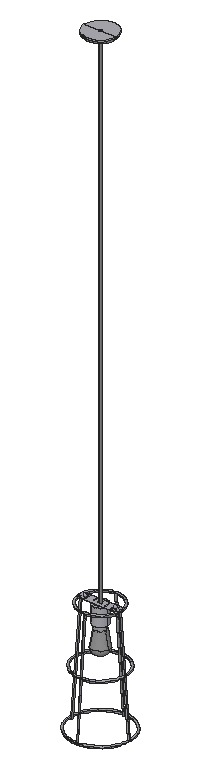
Revit family "Lighting - Lumetta - Pendant - P316RV", category Lighting Fixtures, host Ceiling, Revit 2015
Parameters
  Wattage = 11.7117 W
  built-in parameter 1150110 = 1 (stored number, unit not read)
  URL = "https://lumetta.com/luminaires/reveal-cone-16-pendant/"
  Type Comments = "Reveal Cone 16'' Pendant "  # constant formula
  built-in parameter 1114217 = 1 (stored number, unit not read)
  built-in parameter 1150109 = 1 (stored number, unit not read)
  built-in parameter 1150134 = (empty or 0)
  Suspension [instance] = 1
  built-in parameter 1150113 = 1 (stored number, unit not read)
  Stem Hung-ALL Lamping [instance] = Suspension = 2  # no
  P316RV URL [instance] = "https://lumetta.com/luminaires/reveal-cone-16-pendant/"
  Light Source Symbol Size = 0' - 1"
  Coupling-Stems Over 60 inches [instance] = and([Stem Hung-ALL Lamping], Fixture Drop > 5' 0")  # no
  Model = "P316RV"  # constant formula
  Manufacturer = "Lumetta, Inc."  # constant formula
  Lumens = 1300 lm
  built-in parameter 1150115 = 1 (stored number, unit not read)
  built-in parameter 1150105 = 103.45 (stored number, unit not read)
  built-in parameter 1150137 = (empty or 0)
  built-in parameter 1150139 = (empty or 0)
  built-in parameter 1150112 = 1 (stored number, unit not read)
  built-in parameter 1150114 = 1 (stored number, unit not read)
  built-in parameter 1150132 = 1
  built-in parameter 1150102 = (empty or 0)
  built-in parameter 1150138 = (empty or 0)
  built-in parameter 1150107 = 3000 (stored number, unit not read)
  built-in parameter 1150106 = 1.0345 (stored number, unit not read)
  Frame Finish [instance] = Paint - Lumetta - F02 - PC_Chrome
  Fixture Drop [instance] = 6' - 0"
  built-in parameter 1150104 = 10.312 (stored number, unit not read)
  Dimming Lamp Color Temperature Shift = (empty or 0)
  Description = "Reveal Cone 16'' Pendant "  # constant formula
  Cord Hung-STD [instance] = Suspension = 1  # yes
  Cord Color [instance] = Cord, Black
  Color Filter = 16777215
  built-in parameter 1114218 = 1 (stored number, unit not read)
  built-in parameter 1150133 = 10 (stored number, unit not read)
Reference planes (in)
  plane 1 "Light Source Axis (F/B)": y = 0
  plane 2 "Ceiling": z = 96
  plane 3 "Light Source Axis (L/R)": x = 0
  plane 4 "Light Source Elevation": z = 21
  plane 5 "Fixture-Top": z = 24
  plane 6 "Fixture-Radius": x = 4.32422
  plane 7 "Fixture-Height": z = 8
  plane 8: y = 0
  plane 9: x = 1.9375
  plane 10 "Middle Ring": z = 16
Forms (in)
  Revolve 1, solid, material "Paint - Lumetta - F02 - PC_Chrome" <- "Frame Finish", visible <- "Cord Hung-STD"
    sketch origin (0, 0, 0) x (1, 0, 0) y (0, 0, 1)
      loop
        line (0, 96) -> (0, 95.65) -> (2.125, 95.65)
        arc (2.125, 95.65) -> (2.21339, 95.68661) -> (2.25, 95.775) r 0.125
        line (2.25, 95.775) -> (2.25, 96) -> (0, 96)
      axis (0, 96) -> (0, 95.65)
    angle from 0 to 360
  Extrusion 2, solid, material "Paint - Lumetta - F02 - PC_Chrome" <- "Frame Finish", visible <- "Stem Hung-ALL Lamping"
    sketch origin (0, 0, 24) x (0, -1, 0) y (-1, 0, 0)
      loop
        circle (0, 0) r 0.25
    from 0.05815 to -72
  Revolve 3, solid, material "Paint - Lumetta - F02 - PC_Chrome" <- "Frame Finish", visible <- "Coupling-Stems Over 60 inches"
    sketch origin (0, 0, 0) x (1, 0, 0) y (0, 0, 1)
      loop
        line (0, 84.53023) -> (0, 84) -> (0.26233, 84)
        arc (0.26233, 84) -> (0.31307, 84.05074) -> (0.26233, 84.10149) r 0.05074
        arc (0.26233, 84.10149) -> (0.29304, 84.26499) -> (0.26243, 84.42851) r 0.45126
        arc (0.26243, 84.42851) -> (0.31329, 84.47937) -> (0.26243, 84.53023) r 0.05086
        line (0.26243, 84.53023) -> (0, 84.53023)
      axis (0, 84.53023) -> (0, 84)
    angle from 0 to 360
  Extrusion 4, solid, material "Cord, Black" <- "Cord Color"
    sketch origin (0, 0, 24) x (0, -1, 0) y (1, 0, 0)
      loop
        circle (0, 0) r 0.15674
    from -0.56254 to 72
  Extrusion 5, solid, material "Paint - Lumetta - F02 - PC_Chrome" <- "Frame Finish"
    sketch origin (0, 0, 24) x (0, -1, 0) y (1, 0, 0)
      loop
        circle (0, 0) r 0.26562
      loop
        line (-0.625, -2.125) -> (-0.375, -2.375) -> (0.375, -2.375) -> (0.625, -2.125) -> (0.625, 2.125) -> (0.375, 2.375) -> (-0.375, 2.375) -> (-0.625, 2.125) -> (-0.625, -2.125)
      loop
        circle (0, 2.125) r 0.07846
      loop
        circle (0, -2.125) r 0.07846
    from -0.05815 to 0
  Revolve 6, solid, material "Paint - Lumetta - F02 - PC_Chrome" <- "Frame Finish", visible <- "Cord Hung-STD"
    sketch origin (0, 0, 0) x (1, 0, 0) y (0, 0, 1)
      loop
        line (0, 95.65) -> (0, 95.15) -> (0.28125, 95.15) -> (0.375, 95.65) -> (0, 95.65)
      axis (0, 95.65) -> (0, 95.15)
    angle from 0 to 360
  Revolve 7, solid, material "Paint - Lumetta - F02 - PC_Chrome" <- "Frame Finish", visible <- "Stem Hung-ALL Lamping"
    sketch origin (0, 0, 0) x (1, 0, 0) y (0, 0, 1)
      loop
        line (1.9375, 93.72) -> (1.9375, 93.37095)
        arc (1.9375, 93.37095) -> (2.11821, 93.50953) -> (2.03125, 93.72) r 0.18712
        line (2.03125, 93.72) -> (1.9375, 93.72)
      axis (1.9375, 93.72) -> (1.9375, 93.37095)
    angle from 0 to 360
  Revolve 8, solid, material "Paint - Lumetta - F02 - PC_Chrome" <- "Frame Finish", visible <- "Stem Hung-ALL Lamping"
    sketch origin (0, 0, 0) x (-1, 0, 0) y (0, 0, 1)
      loop
        line (1.9375, 93.72) -> (1.9375, 93.37095)
        arc (1.9375, 93.37095) -> (2.11821, 93.50953) -> (2.03125, 93.72) r 0.18712
        line (2.03125, 93.72) -> (1.9375, 93.72)
      axis (1.9375, 93.72) -> (1.9375, 93.37095)
    angle from 0 to 360
  Revolve 9, solid, material "Paint - Lumetta - F02 - PC_Chrome" <- "Frame Finish"
    sketch origin (0, 0, 0) x (1, 0, 0) y (0, 0, 1)
      loop
        circle (2.88672, 23.89063) r 0.10938
      axis (0, 23.89063) -> (0, 23.85125)
    angle from 0 to 360
  Revolve 10, solid, material "Paint - Lumetta - F02 - PC_Chrome" <- "Frame Finish"
    sketch origin (0, 0, 0) x (1, 0, 0) y (0, 0, 1)
      loop
        circle (4.21484, 8.10937) r 0.10938
      axis (0, 8.10937) -> (0, 8.07)
    angle from 0 to 360
  Extrusion 11, solid, material "Paint - Lumetta - F02 - PC_Chrome" <- "Frame Finish"
    sketch origin (0, 0, 24) x (0, -1, 0) y (1, 0, 0)
      loop
        line (-0.5, 1.8125) -> (0.5, 1.8125) -> (0.5, 2.88956)
        arc (0.5, 2.88956) -> (0, 2.9325) -> (-0.5, 2.88956) r 2.9325
        line (-0.5, 2.88956) -> (-0.5, 1.8125)
      loop
        circle (0, 2.125) r 0.09375
      loop
        line (-0.5, -1.8125) -> (-0.5, -2.88956)
        arc (-0.5, -2.88956) -> (0, -2.9325) -> (0.5, -2.88956) r 2.9325
        line (0.5, -2.88956) -> (0.5, -1.8125) -> (-0.5, -1.8125)
      loop
        circle (0, -2.125) r 0.09375
    from 0 to 0.07325
  Revolve 12, solid, material "Paint - Lumetta - F02 - PC_Chrome" <- "Frame Finish", visible <- "Stem Hung-ALL Lamping"
    sketch origin (0, 0, 0) x (1, 0, 0) y (0, 0, 1)
      loop
        line (0, 96.0012) -> (0, 93.40625) -> (0.34988, 93.40625)
        arc (0.34988, 93.40625) -> (0.49124, 93.54417) -> (0.58115, 93.72) r 0.61026
        line (0.58115, 93.72) -> (3, 93.72) -> (3, 93.78) -> (2.875, 93.78) -> (2.875, 96.0012) -> (0, 96.0012)
      axis (0, 96.0012) -> (0, 93.40625)
    angle from 0 to 360
  Revolve 13, solid, material "Paint - Lumetta - F02 - PC_Chrome" <- "Frame Finish"
    sketch origin (0, 0, 6.25) x (1, 0, 0) y (0, 0, 1)
      loop
        circle (3.55234, 9.75) r 0.10938
      axis (0, 9.75) -> (0, 9.71063)
    angle from 0 to 360
  Revolve 14, solid, material "Paint - Lumetta - F02 - PC_Chrome" <- "Frame Finish"
    sketch origin (0, 0, 0) x (1, 0, 0) y (0, 0, 1)
      loop
        line (0, 23.94185) -> (0, 23.9106) -> (0.90625, 23.9106)
        arc (0.90625, 23.9106) -> (0.97254, 23.88314) -> (1, 23.81685) r 0.09375
        line (1, 23.81685) -> (1, 21.44185) -> (1.03125, 21.44185) -> (1.03125, 23.81685)
        arc (1.03125, 23.81685) -> (0.99464, 23.90523) -> (0.90625, 23.94185) r 0.125
        line (0.90625, 23.94185) -> (0, 23.94185)
      axis (0, 23.94185) -> (0, 21.44185)
    angle from 0 to 360
  Revolve 15, solid, material "Acrylic - 2447 - White"
    sketch origin (0, 0, 0) x (1, 0, 0) y (0, 0, 1)
      loop
        arc (0.48041, 21.41727) -> (0.66687, 21.10094) -> (0.77324, 20.74949) r 1.54182
        line (0.77324, 20.74949) -> (1.17086, 18.49448)
        arc (1.17086, 18.49448) -> (1.06714, 17.9859) -> (0.64416, 17.68508) r 0.70728
        arc (0.64416, 17.68508) -> (0.43163, 17.64159) -> (0.21626, 17.61551) r 2.66809
        arc (0.21626, 17.61551) -> (0.19746, 17.60723) -> (0.18786, 17.58907) r 0.03125
        arc (0.18786, 17.58907) -> (0.18007, 17.57274) -> (0.16453, 17.56346) r 0.03125
        arc (0.16453, 17.56346) -> (0.08288, 17.54831) -> (0, 17.54324) r 0.67945
        line (0, 17.54324) -> (0, 17.51199)
        arc (0, 17.51199) -> (0.0867, 17.51729) -> (0.1721, 17.53314) r 0.7107
        arc (0.1721, 17.53314) -> (0.20317, 17.55169) -> (0.21875, 17.58436) r 0.0625
        arc (0.21875, 17.58436) -> (0.43664, 17.61075) -> (0.65167, 17.65474) r 2.69934
        arc (0.65167, 17.65474) -> (1.09333, 17.96886) -> (1.20163, 18.49991) r 0.73853
        line (1.20163, 18.49991) -> (0.80401, 20.75492)
        arc (0.80401, 20.75492) -> (0.69549, 21.11349) -> (0.50526, 21.43623) r 1.57307
        arc (0.50526, 21.43623) -> (0.47231, 21.46338) -> (0.43073, 21.4731) r 0.09375
        line (0.43073, 21.4731) -> (0, 21.4731) -> (0, 21.44185) -> (0.43073, 21.44185)
        arc (0.43073, 21.44185) -> (0.45845, 21.43537) -> (0.48041, 21.41727) r 0.0625
      axis (0, 21.4731) -> (0, 17.51199)
    angle from 0 to 360
  Revolve 16, solid, material "Paint - Lumetta - F02 - PC_Chrome" <- "Frame Finish"
    sketch origin (0, 0, 0) x (1, 0, 0) y (0, 0, 1)
      loop
        arc (2.25, 24.07325) -> (2.30016, 24.27991) -> (2.125, 24.4005) r 0.1875
        line (2.125, 24.4005) -> (2.125, 24.07325) -> (2.25, 24.07325)
      axis (2.125, 24.4005) -> (2.125, 24.07325)
    angle from 0 to 360
  Revolve 17, solid, material "Paint - Lumetta - F02 - PC_Chrome" <- "Frame Finish"
    sketch origin (0, 0, 0) x (-1, 0, 0) y (0, 0, 1)
      loop
        arc (2.25, 24.07325) -> (2.30016, 24.27991) -> (2.125, 24.4005) r 0.1875
        line (2.125, 24.4005) -> (2.125, 24.07325) -> (2.25, 24.07325)
      axis (2.125, 24.4005) -> (2.125, 24.07325)
    angle from 0 to 360
  Sweep 18, solid, material "Paint - Lumetta - F02 - PC_Chrome" <- "Frame Finish"
    path origin (0, 0, 0) x (1, 0, 0) y (0, 0, 1)
      loop
        line (-2.679, 23.93661) -> (-4.03849, 7.99477)
    profile origin (-3.35875, 0, 15.96569) x (0.996384, 0, -0.08497) y (0, -1, 0)
      loop
        circle (0, 0) r 0.1035
  Sweep 19, solid, material "Paint - Lumetta - F02 - PC_Chrome" <- "Frame Finish"
    path origin (0, 0, 0) x (-1, 0, 0) y (0, 0, 1)
      loop
        line (-2.679, 23.93661) -> (-4.03849, 7.99477)
    profile origin (3.35875, 0, 15.96569) x (-0.996384, 0, -0.08497) y (0, 1, 0)
      loop
        circle (0, 0) r 0.1035
  Sweep 20, solid, material "Paint - Lumetta - F02 - PC_Chrome" <- "Frame Finish"
    path origin (0, 0, 0) x (0, -1, 0) y (0, 0, 1)
      loop
        line (-2.679, 23.93661) -> (-4.03849, 7.99477)
    profile origin (0, 3.35875, 15.96569) x (0, -0.996384, -0.08497) y (-1, 0, 0)
      loop
        circle (0, 0) r 0.1035
  Sweep 21, solid, material "Paint - Lumetta - F02 - PC_Chrome" <- "Frame Finish"
    path origin (0, 0, 0) x (0, 1, 0) y (0, 0, 1)
      loop
        line (-2.679, 23.93661) -> (-4.03849, 7.99477)
    profile origin (0, -3.35875, 15.96569) x (0, 0.996384, -0.08497) y (1, 0, 0)
      loop
        circle (0, 0) r 0.1035
Dimensions and locks (in)
  equal spacing: host sketch curve, plane 3 "Light Source Axis (L/R)", host sketch curve
  equal spacing: host sketch curve, plane 1 "Light Source Axis (F/B)", host sketch curve
  host sketch curve to host sketch curve = 10' - 0"  (x2)
  "Fixture Drop": plane 2 "Ceiling" to plane 5 "Fixture-Top"
  plane 5 "Fixture-Top" to plane 4 "Light Source Elevation" = 0' - 3"
  locked: plane 6 "Fixture-Radius" to plane 3 "Light Source Axis (L/R)" at 4.32422
  locked: plane 5 "Fixture-Top" to plane 7 "Fixture-Height" at 16
  locked: Extrusion 2 sketch curve to imposter light
  locked: Extrusion 2 sketch curve to imposter light at 0
  Revolve 3 sketch curve to Revolve 3 sketch curve = 0' - 0.15822"
  locked: Revolve 3 sketch curve to Revolve 3 sketch curve at 0.53023
  locked: Revolve 3 sketch curve to Revolve 3 sketch curve at 0.26243
  locked: Revolve 3 sketch curve to Revolve 3 sketch curve at 0.26233
  locked: Revolve 3 sketch curve to Revolve 3 sketch curve at 0.05074
  locked: Revolve 3 sketch curve to Revolve 3 sketch curve at 0.47937
  locked: Revolve 3 sketch curve to Revolve 3 sketch curve at 0.26512
  locked: Revolve 1 to Revolve 6 sketch curve at 0.5
  plane 6 "Fixture-Radius" to Revolve 9 sketch curve = 0' - 1 7/16"
  equal spacing: Extrusion 11 sketch curve, plane 8, Extrusion 11 sketch curve, locked at 0.5 each
  locked: Extrusion 11 to plane 5 "Fixture-Top" at 0.07325
  locked: plane 5 "Fixture-Top" to Extrusion 5 at 0.05815
  locked: Revolve 12 sketch curve to Revolve 12 sketch curve at 2.875
  locked: Revolve 12 sketch curve to Revolve 12 sketch curve at 0.31375
  locked: plane 2 "Ceiling" to Revolve 12 sketch curve at 2.28
  locked: Revolve 12 sketch curve to plane 3 "Light Source Axis (L/R)" at 0
  locked: Revolve 12 sketch curve to plane 2 "Ceiling" at 0.0012
  locked: plane 2 "Ceiling" to Revolve 1 sketch curve at 0.35
  locked: Revolve 1 sketch curve to plane 2 "Ceiling"
  locked: Revolve 1 sketch curve to plane 3 "Light Source Axis (L/R)" at 2.25
  locked: plane 2 "Ceiling" to Revolve 6 sketch curve at 0.35
  locked: plane 6 "Fixture-Radius" to Revolve 10 sketch curve at 0.10937
  locked: Extrusion 5 sketch curve to plane 3 "Light Source Axis (L/R)" at 2.125
  locked: Extrusion 5 sketch curve to Extrusion 5 sketch curve at 4.25
  locked: plane 8 to Extrusion 5 sketch curve at 0.625  (x2)
  locked: plane 5 "Fixture-Top" to plane 10 "Middle Ring" at 8
  locked: plane 6 "Fixture-Radius" to Revolve 13 sketch curve at 0.77188
  locked: Revolve 13 sketch curve to plane 10 "Middle Ring"
  locked: Revolve 14 sketch curve to plane 3 "Light Source Axis (L/R)" at 0
  locked: plane 3 "Light Source Axis (L/R)" to Revolve 14 sketch curve at 1.03125
  locked: Revolve 14 sketch curve to Revolve 14 sketch curve at 0.03125  (x2)
  locked: Extrusion 5 to Revolve 14 sketch curve at 0
  Revolve 14 sketch curve to Revolve 14 sketch curve = 0' - 2 1/2"
  locked: plane 3 "Light Source Axis (L/R)" to Revolve 16 sketch curve at 2.125  (x2)
  locked: Revolve 16 sketch curve to Revolve 16 sketch curve at 0.13975
  Revolve 16 sketch curve to Extrusion 11 = 0' - 0"
  locked: Revolve 17 sketch curve to Revolve 17 sketch curve at 0.13975
  locked: Revolve 17 sketch curve to Extrusion 11 at 0
  locked: Revolve 17 sketch curve to plane 3 "Light Source Axis (L/R)" at 2.125  (x2)
  Revolve 12 sketch curve to plane 3 "Light Source Axis (L/R)" = 0' - 3"
  locked: Revolve 10 sketch curve to plane 7 "Fixture-Height" at 0.10938
  locked: plane 5 "Fixture-Top" to Revolve 9 sketch curve at 0.10937
  locked: Extrusion 5 sketch curve to plane 3 "Light Source Axis (L/R)" at 2.375
  locked: Extrusion 5 sketch curve to Extrusion 5 sketch curve at 4.75
  locked: Extrusion 11 sketch curve to Extrusion 11 sketch curve at 0.3125  (x2)
  locked: plane 3 "Light Source Axis (L/R)" to Extrusion 11 sketch curve at 2.125
  locked: plane 3 "Light Source Axis (L/R)" to Sweep 18 sketch curve at 2.679
  locked: plane 3 "Light Source Axis (L/R)" to Sweep 18 sketch curve at 4.03849
  locked: plane 3 "Light Source Axis (L/R)" to Extrusion 11 sketch curve
  Extrusion 11 sketch curve to Extrusion 11 sketch curve = 0' - 1"
  locked: Extrusion 11 sketch curve to plane 3 "Light Source Axis (L/R)" at 2.125
  locked: Extrusion 5 sketch curve to Extrusion 5 sketch curve at 0.25  (x2)
  locked: Revolve 3 sketch curve to plane 5 "Fixture-Top" at 60
  aligned and locked: plane 3 "Light Source Axis (L/R)" to imposter light
  aligned and locked: plane 1 "Light Source Axis (F/B)" to imposter light
  aligned and locked: plane 4 "Light Source Elevation" to imposter light
  aligned and locked: Revolve 3 sketch curve to Revolve 3 sketch curve  (x2)
  aligned and locked: host ceiling to Extrusion 2
  aligned and locked: host ceiling to Extrusion 4
  aligned and locked: Extrusion 5 to Extrusion 2
  aligned and locked: Revolve 7 sketch curve to plane 9
  aligned and locked: Revolve 10 sketch curve to plane 3 "Light Source Axis (L/R)"
  aligned and locked: plane 5 "Fixture-Top" to Extrusion 11
  aligned and locked: Extrusion 5 to plane 5 "Fixture-Top"
  aligned and locked: plane 3 "Light Source Axis (L/R)" to Revolve 14 sketch curve
  aligned and locked: Revolve 15 sketch curve to plane 3 "Light Source Axis (L/R)"
Automatic sketch dimensions
  Revolve 3 sketch curve to plane 3 "Light Source Axis (L/R)" = 0' - 0"
  Revolve 3 sketch curve to Revolve 3 sketch curve = 0' - 9.34317"
  plane 1 "Light Source Axis (F/B)" to Extrusion 4 sketch curve = 0' - 0"
  Extrusion 4 sketch curve to plane 3 "Light Source Axis (L/R)" = 0' - 0"
  Revolve 7 sketch curve to plane 9 = 0' - 0"
  plane 9 to Revolve 7 sketch curve = 0' - 0 3/32"
  Revolve 7 sketch curve to plane 2 "Ceiling" = 0' - 2.62905"
  Revolve 7 sketch curve to Revolve 7 sketch curve = 0' - 0.18712"
  Revolve 7 sketch curve to Revolve 7 sketch curve = 0' - 1.15095"
  plane 2 "Ceiling" to Revolve 7 sketch curve = 0' - 0.72"
  plane 3 "Light Source Axis (L/R)" to Revolve 8 sketch curve = 0' - 1 15/16"
  Revolve 8 sketch curve to Revolve 8 sketch curve = 0' - 0 3/32"
  plane 2 "Ceiling" to Revolve 8 sketch curve = 0' - 2.62905"
  Revolve 8 sketch curve to Revolve 8 sketch curve = 0' - 0.18712"
  Revolve 8 sketch curve to Revolve 8 sketch curve = 0' - 0"
  Revolve 8 sketch curve to Revolve 8 sketch curve = 0' - 1.15095"
  Revolve 8 sketch curve to plane 2 "Ceiling" = 0' - 0.72"
  level to Revolve 10 sketch curve = 0' - 0 3/4"
  Revolve 12 sketch curve to plane 3 "Light Source Axis (L/R)" = 0' - 0"  (x2)
  Revolve 12 sketch curve to Revolve 12 sketch curve = 0' - 0.34988"
  Revolve 12 sketch curve to Revolve 12 sketch curve = 0' - 0.23126"
  Revolve 12 sketch curve to Revolve 12 sketch curve = 0' - 0.06"
  Revolve 12 sketch curve to Revolve 12 sketch curve = 0' - 1.7488"
  Revolve 12 sketch curve to Revolve 12 sketch curve = 0' - 2 1/2"
  Revolve 13 sketch curve to plane 3 "Light Source Axis (L/R)" = 0' - 0"
  Revolve 13 sketch curve to plane 4 "Light Source Elevation" = 0' - 0 1/2"
  Revolve 15 sketch curve to Revolve 15 sketch curve = 0' - 0"  (x19)
  Revolve 15 sketch curve to plane 3 "Light Source Axis (L/R)" = 0' - 0"  (x2)
  Revolve 15 sketch curve to plane 3 "Light Source Axis (L/R)" = 0' - 0.74516"
  plane 3 "Light Source Axis (L/R)" to Revolve 15 sketch curve = 0' - 0.00349"
  plane 3 "Light Source Axis (L/R)" to Revolve 15 sketch curve = 0' - 0.15696"
  Revolve 15 sketch curve to Revolve 15 sketch curve = 0' - 0.06179"
  plane 3 "Light Source Axis (L/R)" to Revolve 15 sketch curve = 0' - 0.43073"
  plane 3 "Light Source Axis (L/R)" to Revolve 15 sketch curve = 0' - 0.47433"
  plane 4 "Light Source Elevation" to Revolve 15 sketch curve = 0' - 0.25051"
  Revolve 15 sketch curve to Revolve 15 sketch curve = 0' - 0.3425"
  plane 4 "Light Source Elevation" to Revolve 15 sketch curve = 0' - 0.24508"
  Revolve 15 sketch curve to Revolve 15 sketch curve = 0' - 0.03078"  (x2)
  Revolve 15 sketch curve to Revolve 15 sketch curve = 0' - 0.69653"
  Revolve 15 sketch curve to Revolve 15 sketch curve = 0' - 0.00941"
  Revolve 15 sketch curve to Revolve 15 sketch curve = 0' - 0.05054"
  Revolve 15 sketch curve to Revolve 15 sketch curve = 0' - 0 1/32"  (x2)
  Revolve 15 sketch curve to Revolve 15 sketch curve = 0' - 0.00543"
  plane 4 "Light Source Elevation" to Revolve 15 sketch curve = 0' - 0.72489"
  plane 4 "Light Source Elevation" to Revolve 15 sketch curve = 0' - 0.51824"
  Revolve 15 sketch curve to plane 4 "Light Source Elevation" = 0' - 0.37935"
  Revolve 15 sketch curve to Revolve 15 sketch curve = 0' - 0 1/16"
  Revolve 15 sketch curve to Revolve 15 sketch curve = 0' - 1.64262"
  Revolve 15 sketch curve to Revolve 15 sketch curve = 0' - 0 3/4"
  plane 7 "Fixture-Height" to Revolve 13 sketch curve = 0' - 1"
  Revolve 10 sketch curve to plane 10 "Middle Ring" = 0' - 0 1/4"
  Revolve 15 sketch curve to Revolve 15 sketch curve = 0' - 1.7752"
  Revolve 15 sketch curve to Revolve 15 sketch curve = 0' - 0.12282"
  Revolve 15 sketch curve to Revolve 15 sketch curve = 0' - 0.14898"
  Revolve 15 sketch curve to Revolve 15 sketch curve = 0' - 0.0913"
  Revolve 1 sketch curve to plane 3 "Light Source Axis (L/R)" = 0' - 0"  (x2)
  Revolve 1 sketch curve to Revolve 1 sketch curve = 0' - 0 1/8"
  Revolve 1 sketch curve to plane 5 "Fixture-Top" = 0' - 1 1/4"
  plane 2 "Ceiling" to Revolve 1 sketch curve = 0' - 9 3/4"
  Revolve 6 sketch curve to plane 3 "Light Source Axis (L/R)" = 0' - 0"  (x2)
  Revolve 6 sketch curve to Revolve 6 sketch curve = 0' - 0 9/32"
  Revolve 6 sketch curve to Revolve 6 sketch curve = 0' - 0 3/8"
  Revolve 6 sketch curve to Revolve 6 sketch curve = 0' - 1 1/4"
  plane 2 "Ceiling" to Revolve 6 sketch curve = 0' - 6 11/16"
  Revolve 9 sketch curve to plane 3 "Light Source Axis (L/R)" = 0' - 0"
  Revolve 9 sketch curve to plane 4 "Light Source Elevation" = 0' - 0 1/2"
  Revolve 9 sketch curve to plane 5 "Fixture-Top" = 0' - 2 1/2"
  Extrusion 11 sketch curve to Extrusion 11 sketch curve = 0' - 0"  (x2)
  plane 1 "Light Source Axis (F/B)" to Extrusion 11 sketch curve = 0' - 0"  (x3)
  Extrusion 11 sketch curve to plane 1 "Light Source Axis (F/B)" = 0' - 0 1/2"  (x2)
  plane 1 "Light Source Axis (F/B)" to Extrusion 11 sketch curve = 0' - 0 1/2"
  Extrusion 11 sketch curve to Extrusion 11 sketch curve = 0' - 0.76456"  (x2)
  Revolve 14 sketch curve to Revolve 14 sketch curve = 0' - 0"  (x2)
  Revolve 14 sketch curve to Revolve 14 sketch curve = 0' - 0 3/32"
  plane 10 "Middle Ring" to Revolve 14 sketch curve = 0' - 0 5/8"
  Revolve 14 sketch curve to plane 5 "Fixture-Top" = 0' - 1 1/2"
  Revolve 16 sketch curve to Revolve 16 sketch curve = 0' - 0 1/8"
  plane 5 "Fixture-Top" to Revolve 16 sketch curve = 0' - 0.44618"
  Revolve 16 sketch curve to Revolve 16 sketch curve = 0' - 0.19786"
  Revolve 17 sketch curve to Revolve 17 sketch curve = 0' - 0 1/8"
  Revolve 17 sketch curve to plane 5 "Fixture-Top" = 0' - 0.44618"
  Revolve 17 sketch curve to Revolve 17 sketch curve = 0' - 0.19786"
  plane 7 "Fixture-Height" to Sweep 18 sketch curve = 0' - 0.00523"
  plane 5 "Fixture-Top" to Sweep 18 sketch curve = 0' - 0.06339"
  Sweep 18 sketch curve to plane 1 "Light Source Axis (F/B)" = 0' - 0"
  Sweep 18 sketch curve to profile plane = 0' - 0"
  plane 7 "Fixture-Height" to Sweep 19 sketch curve = 0' - 0.00523"
  Sweep 19 sketch curve to plane 6 "Fixture-Radius" = 0' - 0.28572"
  plane 5 "Fixture-Top" to Sweep 19 sketch curve = 0' - 0.06339"
  plane 9 to Sweep 19 sketch curve = 0' - 0.7415"
  Sweep 19 sketch curve to profile plane = 0' - 0"
  profile plane to Sweep 19 sketch curve = 0' - 0"
  plane 7 "Fixture-Height" to Sweep 20 sketch curve = 0' - 0.00523"
  Sweep 20 sketch curve to plane 1 "Light Source Axis (F/B)" = 0' - 4.03849"
  plane 5 "Fixture-Top" to Sweep 20 sketch curve = 0' - 0.06339"
  Sweep 20 sketch curve to plane 1 "Light Source Axis (F/B)" = 0' - 2.679"
  profile plane to Sweep 20 sketch curve = 0' - 0"
  Sweep 20 sketch curve to profile plane = 0' - 0"
  plane 7 "Fixture-Height" to Sweep 21 sketch curve = 0' - 0.00523"
  plane 1 "Light Source Axis (F/B)" to Sweep 21 sketch curve = 0' - 4.03849"
  plane 5 "Fixture-Top" to Sweep 21 sketch curve = 0' - 0.06339"
  plane 1 "Light Source Axis (F/B)" to Sweep 21 sketch curve = 0' - 2.679"
  Sweep 21 sketch curve to profile plane = 0' - 0"  (x2)
  plane 1 "Light Source Axis (F/B)" to Extrusion 5 sketch curve = 0' - 0"  (x3)
  Extrusion 5 sketch curve to plane 3 "Light Source Axis (L/R)" = 0' - 0"
  plane 9 to Extrusion 5 sketch curve = 0' - 0 3/16"  (x2)
  Extrusion 5 sketch curve to Extrusion 5 sketch curve = 0' - 0 1/4"  (x4)
  radius of Extrusion 2 sketch curve = 0' - 0 1/4"
  radius of Extrusion 4 sketch curve = 0' - 0.15674"
  radius of Revolve 10 sketch curve = 0' - 0 7/64"
  radius of Revolve 13 sketch curve = 0' - 0 7/64"
  radius of Revolve 9 sketch curve = 0' - 0 7/64"
  radius of Extrusion 11 sketch curve = 0' - 0 3/32"  (x2)
  radius of Sweep 18 sketch curve = 0' - 0.1035"
  radius of Sweep 19 sketch curve = 0' - 0.1035"
  radius of Sweep 20 sketch curve = 0' - 0.1035"
  radius of Sweep 21 sketch curve = 0' - 0.1035"
  radius of Extrusion 5 sketch curve = 0' - 0 17/64"
  radius of Extrusion 5 sketch curve = 0' - 0.07846"  (x2)
